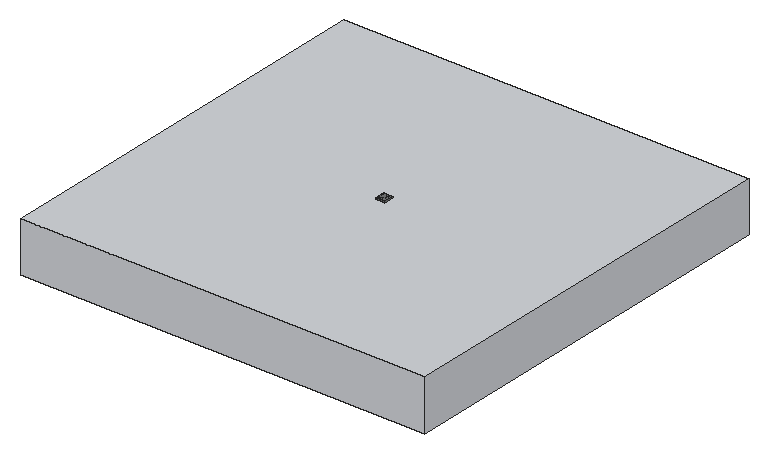
Revit family "Gira_213303", category Elektroinstallationen, Revit 2017
Family settings
  Basisbauteil = Fläche
  Beschriftungsausrichtung beibehalten = Nein
  Bemaßung runder Anschluss = Durchmesser verwenden
  Teiletyp = Normal
  Beim Laden mit Abzugskörper schneiden = Nein
  Gemeinsam genutzt = Nein
  Raumberechnungspunkt = Nein
Parameters
  Werkstoffgüte = "sonstige"
  Werkstoff = "sonstige"
  URL = "https://www.gira.de/"
  Typname = "Wippenset 3f BSF System 55 Klar/Reinweiß"
  Typ Kontakt = "Öffner"
  Transparent = no
  Thermische Rückkopplung = "ohne"
  Temperatur ablesbar = no
  Sensor extern = no
  Schutzart (IP) = "IP20"
  Regelcharakteristik = "sonstige"
  RAL-Nummer (ähnlich) = 9010
  RAL-Nummer = 9010
  Produktseite = "http://katalog.gira.de/de_DE/datenblatt.html?artikelnr=213303"
  Oberfläche = "sonstige"
  Montageart = "Unterputz"
  Mit Trinkwasserschaltung = no
  Mit Geräuschniveauanzeige = no
  Mit Empfänger = no
  Mit Display = no
  Messbereich unterer Wert [m/s] = 5
  Messbereich oberer Wert [m/s] = 30
  Kühlen = no
  Hersteller = "Gira"
  Heizen = yes
  HAN = "213303"
  GTIN = "4010337081340"
  Farbe = "weiß"
  Explosionsgeschützt = no
  Differenz verstellbar = no
  Datenblatt = "https://katalog.gira.de/de_DE/download.html?artikelnr=213303"
  Bussystem Powernet = no
  Bussystem LON = no
  Bussystem KNX-Funk = no
  Bussystem KNX = yes
  Bussystem Funkbus = no
  Beschreibung = "Wippenset 3fach mit Beschriftungsfeld System 55 Klar   Reinweiß glänzend Hinweise : - Beschreibbare Wippensets und Wippensets mit Beschriftungsfeld können mit einer individuellen Beschriftung versehen werden. Die Bestellung wird über den Großhandel abgewickelt, der beim Bestellvorgang der Wippen angegeben wurde. - Beschreibbare Wippensets und Wippensets ohne Beschriftungsfeld sind aus Metall. Dies kann bei Funkanwendungen zu Reichweiteneinbußen führen. - Professionelle Beschriftung über den Gira Beschriftungsservice www.beschriftung.gira.de."
  Bedienung = "Dreh"
  Bauelement = "Sys55_Abdeckung_Schalten und Tasten"
  Default Elevation = 1219.2 mm
  BIM = "https://media.stage.bim.site/public/gira/876eb45/Sys55_Abdeckung_Schalten%20und%20Tasten.rfa?public/gira/876eb45/Sys55_Abdeckung_Schalten und Tasten.rfa"
  Ausführung der Oberfläche = "nicht zutreffend"
  Ausführung Aufnehmer/Fühler = "sonstige"
  Ausführung = "An/Aus"
  Art der Spannungsversorgung = "230 V AC"
  Anthrazit [instance] = Anthrazit
  Anschluss = "Zweidraht"
  Andere Bussysteme = "ohne"
Reference planes
  plane 1 "Center (Front/Back)": y = 0
  plane 2: z = 0
  plane 3 "Center (Left/Right)": x = 0
Forms (mm)
  Extrusion 1, solid
    sketch origin (0, 0, 0) x (1, 0, 0) y (0, 1, 0)
      loop
        line (-1219.2, 1219.2) -> (-1219.2, -1219.2) -> (1219.2, -1219.2) -> (1219.2, 1219.2) -> (-1219.2, 1219.2)
    from 0 to -304.8
  Extrusion 2, solid, material "Anthrazit" <- "Anthrazit", detail levels fine
    sketch origin (0, 0, 0) x (1, 0, 0) y (0, 1, 0)
      loop
        line (-27.5, 27.5) -> (-27.5, -27.5) -> (27.5, -27.5) -> (27.5, 27.5) -> (-27.5, 27.5)
    from 0 to 8
  Extrusion 3, void
    sketch origin (0, 0, 0) x (1, 0, 0) y (0, 1, 0)
      loop
        line (26, 26) -> (-26, 26) -> (-26, -26) -> (26, -26) -> (26, 26)
    from 0 to 6
  Extrusion 4, solid, material "Anthrazit" <- "Anthrazit", detail levels medium
    sketch origin (0, 0, 0) x (1, 0, 0) y (0, 1, 0)
      loop
        line (-27.5, 27.5) -> (-27.5, -27.5) -> (27.5, -27.5) -> (27.5, 27.5) -> (-27.5, 27.5)
    from 0 to 8
  Extrusion 5, solid, material "Anthrazit" <- "Anthrazit", detail levels medium
    sketch origin (0, 0, 0) x (1, 0, 0) y (0, 1, 0)
      loop
        line (11, -17.5) -> (11, 17.5) -> (-11, 17.5) -> (-11, -17.5) -> (11, -17.5)
    from -6 to 6
  Extrusion 6, solid, material "Anthrazit" <- "Anthrazit", detail levels fine
    sketch origin (0, 0, 0) x (1, 0, 0) y (0, 1, 0)
      loop
        line (11, 17.5) -> (-11, 17.5) -> (-11, 16.5) -> (11, 16.5) -> (11, 17.5)
      loop
        line (-11, -16.5) -> (-11, -17.5) -> (11, -17.5) -> (11, -16.5) -> (-11, -16.5)
    from -4 to 6
  Extrusion 7, solid, material "Anthrazit" <- "Anthrazit", detail levels fine
    sketch origin (0, 0, 0) x (1, 0, 0) y (0, 1, 0)
      loop
        arc (5, 9.347) -> (0, 10.6) -> (-5, 9.347) r 10.6
        line (-5, 9.347) -> (-5, -9.347)
        arc (-5, -9.347) -> (0, -10.6) -> (5, -9.347) r 10.6
        line (5, -9.347) -> (5, 9.347)
    from -6 to 6
  Extrusion 8, solid, material "Anthrazit" <- "Anthrazit", detail levels coarse
    sketch origin (0, 0, 0) x (1, 0, 0) y (0, 1, 0)
      loop
        line (-27.5, 27.5) -> (-27.5, -27.5) -> (27.5, -27.5) -> (27.5, 27.5) -> (-27.5, 27.5)
    from -6 to 8
Cuts and joins
  Extrusion 3 cuts Extrusion 2
Dimensions and locks
  aligned and locked: plane 2 to Extrusion 1
  aligned and locked: level to Extrusion 1
